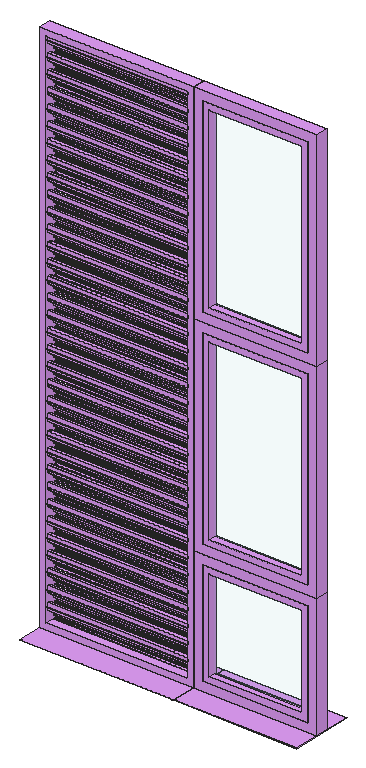
Revit family "WDW-AWN-HAA-Lvr_Sid", category Windows, host Wall, Revit 2016
Family settings
  Host = Wall
  OmniClass Number = 23.30.20.00
  OmniClass Title = Windows
  Always vertical = Yes
  Cut with Voids When Loaded = No
  Shared = No
  Room Calculation Point = No
Parameters (values of type "W900 x H1740")
  Width of louver frame [instance] = Width - Interior width  # 500 mm
  Remark [instance] = ""
  No.of row of windows [instance] = 2
  No. Of Louver Blade [instance] = (Height - 50 mm) / 50 mm  # 34
  Material [instance] = Metal - Aluminium
  Louver length [instance] = Width of louver frame - 40 mm  # 460 mm
  Louver [instance] = Metal - Aluminium
  Location [instance] = ""
  Interior width [instance] = 400 mm
  Interior high [instance] = (Height - Height of fixed window) / No.of row of windows  # 675 mm
  Height of fixed window [instance] = 400 mm
  Height = 1750 mm
  Glass Panel [instance] = Glass
  Frame [instance] = Metal - Aluminium
  Default sill height = 750 mm
  Wall Closure = By host
  Width = 900 mm
  Analytic Construction = "<None>"
Types (2, lengths in mm): name | Width of louver frame | No. Of Louver Blade | Louver length | Interior width | Interior high | Height | Width
  W800 x H1640 | 450 | 32 | 410 | 350 | 620 | 1640 | 800
  W900 x H1740 | 500 | 34 | 460 | 400 | 675 | 1750 | 900
Reference planes
  plane 1 "Center (Front/Back)": y = 0
  plane 2 "Center (Left/Right)": x = 0
  plane 3 "Left": x = -250
  plane 4 "Right": x = 250
  plane 5 "Sill": z = 750
  plane 6 "Head": z = 2500
  plane 7 "Exterior": y = 100
  plane 8 "Interior": y = -100
  plane 9 "Right 1": x = 650
  plane 10: z = 1150
  plane 11: z = 1825
Forms (mm)
  Extrusion 1, solid, material "Metal - Aluminium" <- "Frame"
    sketch origin (-5000, 0, 0) x (1, 0, 0) y (0, 0, 1)
      loop
        line (5250, 2500) -> (4750, 2500) -> (4750, 750) -> (5250, 750) -> (5250, 2500)
      loop
        line (5230, 2480) -> (4770, 2480) -> (4770, 770) -> (5230, 770) -> (5230, 2480)
    from -20 to 20
  Extrusion 2, solid, material "Metal - Aluminium" <- "Frame"
    sketch origin (-250, 100, 750) x (0, -1, 0) y (1, 0, 0)
      loop
        line (0, 500) -> (0, 0) -> (200, 0) -> (200, 500) -> (0, 500)
    from 0 to 1
  Extrusion 3, solid, material "Metal - Aluminium" <- "Material"
    sketch origin (55, 100, 750) x (0, -1, 0) y (1, 0, 0)
      loop
        line (0, 595) -> (0, 195) -> (200, 195) -> (200, 595) -> (0, 595)
    from 0 to 1
Lines and regions (mm)
  Opening 1
    outline origin (3500, -100, 0) x (1, 0, 0) y (0, 0, 1)
      loop
        line (-3250, 750) -> (-3250, 2500) -> (-3750, 2500) -> (-3750, 750) -> (-3250, 750)
  symbolic lines
    curve 1: line (-230, 5.515, 0) -> (230, 5.515, 0)
    curve 2: line (-230, -5.515, 0) -> (230, -5.515, 0)
    curve 3: line (270, 0, 0) -> (635, 0, 0)
    curve 4: line (635, 20, 0) -> (635, -20, 0)
    curve 5: line (270, -20, 0) -> (270, 20, 0)
    curve 6: line (650, 20, 0) -> (250, 20, 0)
    curve 7: line (250, -20, 0) -> (650, -20, 0)
    curve 8: line (250, -20, 0) -> (250, 20, 0)
    curve 9: line (250, 20, 0) -> (-250, 20, 0)
    curve 10: line (-250, -20, 0) -> (250, -20, 0)
    curve 11: line (-230, -20, 0) -> (-230, 20, 0)
    curve 12: line (230, 20, 0) -> (230, -20, 0)
Text (mm)
  text "EXTERIOR" at (-527.538, 282.927, 0), in view "Ref. Level"
  text "INTERIOR" at (-527.538, -187.005, 0), in view "Ref. Level"
  text "Exterior" at (0, 235.224, 2715.684), in view "Right"
  text "EXTERIOR" at (0, 646.513, 2657.963), in view "Left"
  text "INTERIOR" at (0, -194.853, 2657.963), in view "Left"
Dimensions and locks
  equal spacing: plane 3 "Left", plane 2 "Center (Left/Right)", plane 4 "Right"
  "Height": plane 5 "Sill" to plane 6 "Head"
  "Default sill height": plane 5 "Sill" to level
  locked: plane 7 "Exterior" to host wall at 0
  locked: plane 8 "Interior" to host wall
  locked: Extrusion 1 sketch curve to Extrusion 1 sketch curve at 20  (x4)
  equal spacing: Extrusion 1, host wall, Extrusion 1
  locked: Extrusion 1 to Extrusion 1 at 40
  "Width": plane 3 "Left" to plane 9 "Right 1"
  "Interior width": plane 4 "Right" to plane 9 "Right 1"
  plane 3 "Left" to plane 4 "Right" = 500 mm
  "Height of fixed window": plane 5 "Sill" to plane 10
  "Interior high": plane 10 to plane 11
  group 1 to group 2 = 0 mm  (x2)
  group 1 to group 2 = 675 mm
  equal spacing: group 3, group 5, group 6, group 7, group 8, group 9, group 10, group 11, group 12, group 13, group 14, group 15, group 16, group 17, group 18, group 19, group 20, group 21, group 22, group 23, group 24, group 25, group 26, group 27, group 28, group 29, group 30, group 31, group 32, group 33, group 34, group 35, group 36, group 4  (x2)
  equal spacing: group 4, group 36, group 35, group 34, group 33, group 32, group 31, group 30, group 29, group 28, group 27, group 26, group 25, group 24, group 23, group 22, group 21, group 20, group 19, group 18, group 17, group 16, group 15, group 14, group 13, group 12, group 11, group 10, group 9, group 8, group 7, group 6, group 5, group 3
  curve 2 to host wall to curve 1 = 5.515 mm locked, 5.515 mm locked
  aligned and locked: Extrusion 1 sketch curve to host wall
  aligned and locked: nested 3 to Extrusion 1  (x2)
  aligned and locked: Extrusion 1 to nested 3
  aligned and locked: plane 6 "Head" to nested 4
  aligned and locked: nested 4 to plane 9 "Right 1"
  aligned and locked: nested 5 to Extrusion 1
  aligned and locked: Extrusion 1 to nested 5
  aligned and locked: Extrusion 1 to curve 1
  aligned and locked: plane 1 "Center (Front/Back)" to curve 3
  aligned and locked: nested 1 to plane 9 "Right 1"
  aligned and locked: plane 10 to nested 1
  aligned and locked: nested 2 to plane 9 "Right 1"
  aligned and locked: host wall to Extrusion 2 sketch curve  (x2)
  aligned and locked: Extrusion 2 sketch curve to host wall
  aligned and locked: Extrusion 2 sketch curve to Extrusion 1
  aligned and locked: host wall to Extrusion 3 sketch curve  (x2)
  aligned and locked: Extrusion 3 sketch curve to host wall
  aligned and locked: Extrusion 3 sketch curve to Extrusion 2
  aligned and locked: curve 6 to nested 4
  aligned and locked: Extrusion 1 to curve 7
  aligned and locked: plane 9 "Right 1" to curve 7
  aligned and locked: nested 4 to curve 7
  aligned and locked: curve 9 to Extrusion 1
  aligned and locked: curve 10 to Extrusion 1
  aligned and locked: curve 12 to Extrusion 1
Automatic sketch dimensions
  plane 3 "Left" to Opening 1 sketch curve = 0 mm
  plane 4 "Right" to Opening 1 sketch curve = 0 mm
  Opening 1 sketch curve to plane 5 "Sill" = 0 mm
  Opening 1 sketch curve to plane 6 "Head" = 0 mm
  plane 3 "Left" to Extrusion 1 sketch curve = 0 mm
  plane 4 "Right" to Extrusion 1 sketch curve = 0 mm
  Extrusion 1 sketch curve to plane 6 "Head" = 0 mm
  host wall to curve 3 = 0 mm
  curve 6 to plane 9 "Right 1" = 0 mm
  curve 1 to plane 3 "Left" = 20 mm
  curve 5 to plane 4 "Right" = 20 mm
  plane 9 "Right 1" to curve 3 = 15 mm
  curve 9 to plane 3 "Left" = 0 mm
  curve 10 to plane 3 "Left" = 0 mm
Nested families
  nested 1: "WDW-SIN-HAA-Aluminum Frame_Fixel Window" at (450, 0, -50), Interior Width <- "Interior width", Heigh of Fixel Window <- "Height of fixed window", Frame <- "Frame", Glass Panel <- "Glass Panel", type "354 x 617.5"
    with Width Of Glass 300 mm, Thickness of Glass 5 mm, Interior Width 400 mm, Height Of Glass 300 mm, Heigh of Fixel Window 400 mm, Glass Panel Glass, Frame Metal - Aluminium
  nested 2: "WDW-SIN-HAA-Aluminum Frame" at (450, 0, 350) x (-1, 0, 0) z (0, 0, 1), Interior High <- "Interior high", Interior Width <- "Interior width", Frame <- "Frame", Glass Panel <- "Glass Panel", type "354 x 617.5"
    with Width Of Glass 300 mm, Thickness of Glass 5 mm, Interior Width 400 mm, Interior High 675 mm, Height Of Glass 575 mm, Glass Panel Glass, Frame Metal - Aluminium
  nested 3: "GEM-HAA-Louvre Blade_Aluminium" at (0, -18, 2419.828), Louver Length <- "Louver length", Louver <- "Louver", type "GEM-HAA-Louvre Blade_Aluminium"
    with Louver Length 460 mm, Louver Metal - Aluminium
  nested 4: "WDW-SIN-HAA-Aluminum Frame" at (450, 0, 1025) x (-1, 0, 0) z (0, 0, 1), Interior High <- "Interior high", Interior Width <- "Interior width", Frame <- "Frame", Glass Panel <- "Glass Panel", type "354 x 617.5"
    with Width Of Glass 300 mm, Thickness of Glass 5 mm, Interior Width 400 mm, Interior High 675 mm, Height Of Glass 575 mm, Glass Panel Glass, Frame Metal - Aluminium
  nested 5: "GEM-HAA-Louvre Blade_Aluminium" at (0, -18, 770), Louver Length <- "Louver length", Louver <- "Louver", type "GEM-HAA-Louvre Blade_Aluminium"
    with Louver Length 460 mm, Louver Metal - Aluminium
  nested 6: "GEM-HAA-Louvre Blade_Aluminium" at (0, -18, 2369.834), Louver Length <- "Louver length", Louver <- "Louver", type "GEM-HAA-Louvre Blade_Aluminium"
    with Louver Length 460 mm, Louver Metal - Aluminium
  nested 7: "GEM-HAA-Louvre Blade_Aluminium" at (0, -18, 2319.839), Louver Length <- "Louver length", Louver <- "Louver", type "GEM-HAA-Louvre Blade_Aluminium"
    with Louver Length 460 mm, Louver Metal - Aluminium
  nested 8: "GEM-HAA-Louvre Blade_Aluminium" at (0, -18, 2269.844), Louver Length <- "Louver length", Louver <- "Louver", type "GEM-HAA-Louvre Blade_Aluminium"
    with Louver Length 460 mm, Louver Metal - Aluminium
  nested 9: "GEM-HAA-Louvre Blade_Aluminium" at (0, -18, 2219.849), Louver Length <- "Louver length", Louver <- "Louver", type "GEM-HAA-Louvre Blade_Aluminium"
    with Louver Length 460 mm, Louver Metal - Aluminium
  nested 10: "GEM-HAA-Louvre Blade_Aluminium" at (0, -18, 2169.854), Louver Length <- "Louver length", Louver <- "Louver", type "GEM-HAA-Louvre Blade_Aluminium"
    with Louver Length 460 mm, Louver Metal - Aluminium
  nested 11: "GEM-HAA-Louvre Blade_Aluminium" at (0, -18, 2119.86), Louver Length <- "Louver length", Louver <- "Louver", type "GEM-HAA-Louvre Blade_Aluminium"
    with Louver Length 460 mm, Louver Metal - Aluminium
  nested 12: "GEM-HAA-Louvre Blade_Aluminium" at (0, -18, 2069.865), Louver Length <- "Louver length", Louver <- "Louver", type "GEM-HAA-Louvre Blade_Aluminium"
    with Louver Length 460 mm, Louver Metal - Aluminium
  nested 13: "GEM-HAA-Louvre Blade_Aluminium" at (0, -18, 2019.87), Louver Length <- "Louver length", Louver <- "Louver", type "GEM-HAA-Louvre Blade_Aluminium"
    with Louver Length 460 mm, Louver Metal - Aluminium
  nested 14: "GEM-HAA-Louvre Blade_Aluminium" at (0, -18, 1969.875), Louver Length <- "Louver length", Louver <- "Louver", type "GEM-HAA-Louvre Blade_Aluminium"
    with Louver Length 460 mm, Louver Metal - Aluminium
  nested 15: "GEM-HAA-Louvre Blade_Aluminium" at (0, -18, 1919.88), Louver Length <- "Louver length", Louver <- "Louver", type "GEM-HAA-Louvre Blade_Aluminium"
    with Louver Length 460 mm, Louver Metal - Aluminium
  nested 16: "GEM-HAA-Louvre Blade_Aluminium" at (0, -18, 1869.886), Louver Length <- "Louver length", Louver <- "Louver", type "GEM-HAA-Louvre Blade_Aluminium"
    with Louver Length 460 mm, Louver Metal - Aluminium
  nested 17: "GEM-HAA-Louvre Blade_Aluminium" at (0, -18, 1819.891), Louver Length <- "Louver length", Louver <- "Louver", type "GEM-HAA-Louvre Blade_Aluminium"
    with Louver Length 460 mm, Louver Metal - Aluminium
  nested 18: "GEM-HAA-Louvre Blade_Aluminium" at (0, -18, 1769.896), Louver Length <- "Louver length", Louver <- "Louver", type "GEM-HAA-Louvre Blade_Aluminium"
    with Louver Length 460 mm, Louver Metal - Aluminium
  nested 19: "GEM-HAA-Louvre Blade_Aluminium" at (0, -18, 1719.901), Louver Length <- "Louver length", Louver <- "Louver", type "GEM-HAA-Louvre Blade_Aluminium"
    with Louver Length 460 mm, Louver Metal - Aluminium
  nested 20: "GEM-HAA-Louvre Blade_Aluminium" at (0, -18, 1669.906), Louver Length <- "Louver length", Louver <- "Louver", type "GEM-HAA-Louvre Blade_Aluminium"
    with Louver Length 460 mm, Louver Metal - Aluminium
  nested 21: "GEM-HAA-Louvre Blade_Aluminium" at (0, -18, 1619.912), Louver Length <- "Louver length", Louver <- "Louver", type "GEM-HAA-Louvre Blade_Aluminium"
    with Louver Length 460 mm, Louver Metal - Aluminium
  nested 22: "GEM-HAA-Louvre Blade_Aluminium" at (0, -18, 1569.917), Louver Length <- "Louver length", Louver <- "Louver", type "GEM-HAA-Louvre Blade_Aluminium"
    with Louver Length 460 mm, Louver Metal - Aluminium
  nested 23: "GEM-HAA-Louvre Blade_Aluminium" at (0, -18, 1519.922), Louver Length <- "Louver length", Louver <- "Louver", type "GEM-HAA-Louvre Blade_Aluminium"
    with Louver Length 460 mm, Louver Metal - Aluminium
  nested 24: "GEM-HAA-Louvre Blade_Aluminium" at (0, -18, 1469.927), Louver Length <- "Louver length", Louver <- "Louver", type "GEM-HAA-Louvre Blade_Aluminium"
    with Louver Length 460 mm, Louver Metal - Aluminium
  nested 25: "GEM-HAA-Louvre Blade_Aluminium" at (0, -18, 1419.932), Louver Length <- "Louver length", Louver <- "Louver", type "GEM-HAA-Louvre Blade_Aluminium"
    with Louver Length 460 mm, Louver Metal - Aluminium
  nested 26: "GEM-HAA-Louvre Blade_Aluminium" at (0, -18, 1369.938), Louver Length <- "Louver length", Louver <- "Louver", type "GEM-HAA-Louvre Blade_Aluminium"
    with Louver Length 460 mm, Louver Metal - Aluminium
  nested 27: "GEM-HAA-Louvre Blade_Aluminium" at (0, -18, 1319.943), Louver Length <- "Louver length", Louver <- "Louver", type "GEM-HAA-Louvre Blade_Aluminium"
    with Louver Length 460 mm, Louver Metal - Aluminium
  nested 28: "GEM-HAA-Louvre Blade_Aluminium" at (0, -18, 1269.948), Louver Length <- "Louver length", Louver <- "Louver", type "GEM-HAA-Louvre Blade_Aluminium"
    with Louver Length 460 mm, Louver Metal - Aluminium
  nested 29: "GEM-HAA-Louvre Blade_Aluminium" at (0, -18, 1219.953), Louver Length <- "Louver length", Louver <- "Louver", type "GEM-HAA-Louvre Blade_Aluminium"
    with Louver Length 460 mm, Louver Metal - Aluminium
  nested 30: "GEM-HAA-Louvre Blade_Aluminium" at (0, -18, 1169.958), Louver Length <- "Louver length", Louver <- "Louver", type "GEM-HAA-Louvre Blade_Aluminium"
    with Louver Length 460 mm, Louver Metal - Aluminium
  nested 31: "GEM-HAA-Louvre Blade_Aluminium" at (0, -18, 1119.964), Louver Length <- "Louver length", Louver <- "Louver", type "GEM-HAA-Louvre Blade_Aluminium"
    with Louver Length 460 mm, Louver Metal - Aluminium
  nested 32: "GEM-HAA-Louvre Blade_Aluminium" at (0, -18, 1069.969), Louver Length <- "Louver length", Louver <- "Louver", type "GEM-HAA-Louvre Blade_Aluminium"
    with Louver Length 460 mm, Louver Metal - Aluminium
  nested 33: "GEM-HAA-Louvre Blade_Aluminium" at (0, -18, 1019.974), Louver Length <- "Louver length", Louver <- "Louver", type "GEM-HAA-Louvre Blade_Aluminium"
    with Louver Length 460 mm, Louver Metal - Aluminium
  nested 34: "GEM-HAA-Louvre Blade_Aluminium" at (0, -18, 969.979), Louver Length <- "Louver length", Louver <- "Louver", type "GEM-HAA-Louvre Blade_Aluminium"
    with Louver Length 460 mm, Louver Metal - Aluminium
  nested 35: "GEM-HAA-Louvre Blade_Aluminium" at (0, -18, 919.984), Louver Length <- "Louver length", Louver <- "Louver", type "GEM-HAA-Louvre Blade_Aluminium"
    with Louver Length 460 mm, Louver Metal - Aluminium
  nested 36: "GEM-HAA-Louvre Blade_Aluminium" at (0, -18, 869.99), Louver Length <- "Louver length", Louver <- "Louver", type "GEM-HAA-Louvre Blade_Aluminium"
    with Louver Length 460 mm, Louver Metal - Aluminium
  nested 37: "GEM-HAA-Louvre Blade_Aluminium" at (0, -18, 819.995), Louver Length <- "Louver length", Louver <- "Louver", type "GEM-HAA-Louvre Blade_Aluminium"
    with Louver Length 460 mm, Louver Metal - Aluminium
Definition of nested family "WDW-SIN-HAA-Aluminum Frame_Fixel Window"
  Parameters (values of type "354 x 617.5")
    Width Of Glass [instance] = Interior Width - 100 mm  # 500 mm
    Thickness of Glass [instance] = 5 mm
    Interior Width [instance] = 600 mm
    Height Of Glass [instance] = Heigh of Fixel Window - 100 mm  # 850 mm
    Height = 400 mm
    Heigh of Fixel Window [instance] = 950 mm
    Glass Panel [instance] = none
    Frame [instance] = none
    Default Sill Height = 800 mm
    Wall Closure = (empty or 0)
    Width = 350 mm
    Assembly Code = ""
    Analytic Construction = "<None>"
  Reference planes
    plane 1: y = 0
    plane 2 "Center (Left/Right)": x = 0
    plane 3 "Left": x = -300
    plane 4 "Right": x = 300
    plane 5 "Sill": z = 800
    plane 6 "Head": z = 1750
    plane 7 "Exterior": y = 75
    plane 8 "Interior": y = -75
    plane 9 "Window Start": y = 5
    plane 10 "Glass Start": y = 25
  Forms (mm)
    Extrusion 1, solid, material <- "Frame"
      sketch origin (-5000, 0, 0) x (1, 0, 0) y (0, 0, 1)
        loop
          line (4700, 1750) -> (4700, 800) -> (5300, 800) -> (5300, 1750) -> (4700, 1750)
        loop
          line (5270, 1720) -> (4730, 1720) -> (4730, 830) -> (5270, 830) -> (5270, 1720)
      from 20 to -20
    Sweep 2, solid, material <- "Frame"
      path in 3D
        loop
          line (270, 20, 830) -> (270, 20, 1720) -> (-270, 20, 1720) -> (-270, 20, 830) -> (270, 20, 830)
      profile origin (0, 20, 830) x (0, 1, 0) y (0, 0, 1)
        loop
          line (0, 0) -> (0, 20) -> (-25, 20) -> (-40, 5) -> (-40, 0) -> (0, 0)
    Extrusion 3, solid, material <- "Glass Panel"
      sketch origin (-5000, 0, 0) x (1, 0, 0) y (0, 0, 1)
        loop
          line (5250, 850) -> (5250, 1700) -> (4750, 1700) -> (4750, 850) -> (5250, 850)
      from 2.5 to -2.5
  Lines and regions (mm)
    Opening 1
      outline origin (3500, -75, 0) x (1, 0, 0) y (0, 0, 1)
        loop
          line (-3200, 1750) -> (-3800, 1750) -> (-3800, 800) -> (-3200, 800) -> (-3200, 1750)
    sketch lines
      curve 1: line (-270, 20, 830) -> (270, 20, 830)
      curve 2: line (270, 20, 830) -> (270, 20, 1720)
      curve 3: line (270, 20, 1720) -> (-270, 20, 1720)
      curve 4: line (-270, 20, 1720) -> (-270, 20, 830)
    symbolic lines
      curve 5: line (-270, 25, 1720) -> (265, 25, 835)
      curve 6: line (270, 25, 1720) -> (-270, 25, 830)
  Text (mm)
    text "EXTERIOR" at (-1963.203, 1332.353, 0), in view "Ref. Level"
    text "INTERIOR" at (-1981.466, -818.386, 0), in view "Ref. Level"
    text "Exterior" at (0, 923.751, 2943.296), in view "Right"
    text "Exterior" at (0, 1040.484, 2685.409), in view "Left"
  Dimensions and locks
    equal spacing: plane 3 "Left", plane 2 "Center (Left/Right)", plane 4 "Right"
    "Interior Width": plane 3 "Left" to plane 4 "Right"
    "Heigh of Fixel Window": plane 5 "Sill" to plane 6 "Head"
    "Default Sill Height": plane 5 "Sill" to level
    locked: plane 7 "Exterior" to host wall at 0
    locked: plane 8 "Interior" to host wall
    locked: plane 8 "Interior" to plane 9 "Window Start" at 80
    locked: plane 9 "Window Start" to plane 10 "Glass Start" at 20
    "Width Of Glass": Extrusion 3 sketch curve to Extrusion 3 sketch curve
    "Height Of Glass": Extrusion 3 sketch curve to Extrusion 3 sketch curve
    "Thickness of Glass": Extrusion 3 to Extrusion 3
    aligned and locked: Sweep 2 sketch curve to Extrusion 1
    aligned and locked: Extrusion 3 sketch curve to Sweep 2  (x2)
    aligned and locked: Opening 1 sketch curve to plane 6 "Head"
    aligned and locked: Opening 1 sketch curve to plane 4 "Right"
    aligned and locked: Opening 1 sketch curve to plane 3 "Left"
    aligned and locked: Opening 1 sketch curve to plane 5 "Sill"
    aligned and locked: curve 5 to Sweep 2
    aligned and locked: curve 5 to Extrusion 1
    aligned and locked: Extrusion 1 to curve 6  (x2)
  Automatic sketch dimensions
    Sweep 2 sketch curve to profile plane = 0 mm
    profile plane to Sweep 2 sketch curve = 25 mm
    profile plane to Sweep 2 sketch curve = 5 mm
    Sweep 2 sketch curve to Sweep 2 sketch curve = 15 mm
    profile plane to Sweep 2 sketch curve = 20 mm
    plane 6 "Head" to curve 6 = 30 mm
    plane 6 "Head" to curve 5 = 30 mm
    curve 6 to plane 5 "Sill" = 30 mm
    curve 5 to plane 5 "Sill" = 35 mm
    plane 4 "Right" to Extrusion 1 sketch curve = 0 mm
    plane 3 "Left" to Extrusion 1 sketch curve = 0 mm
    Extrusion 1 sketch curve to plane 5 "Sill" = 0 mm
    Extrusion 1 sketch curve to plane 6 "Head" = 0 mm
    plane 4 "Right" to Extrusion 1 sketch curve = 30 mm
    Extrusion 1 sketch curve to plane 3 "Left" = 30 mm
    Extrusion 1 sketch curve to plane 5 "Sill" = 30 mm
    plane 6 "Head" to Extrusion 1 sketch curve = 30 mm
Definition of nested family "WDW-SIN-HAA-Aluminum Frame"
  Parameters (values of type "354 x 617.5")
    Width Of Glass [instance] = Interior Width - 100 mm  # 500 mm
    Thickness of Glass [instance] = 5 mm
    Interior Width [instance] = 600 mm
    Interior High [instance] = 950 mm
    Height Of Glass [instance] = Interior High - 100 mm  # 850 mm
    Height = 400 mm
    Glass Panel [instance] = none
    Frame [instance] = none
    Default Sill Height = 800 mm
    Wall Closure = (empty or 0)
    Width = 350 mm
    Assembly Code = ""
    Analytic Construction = "<None>"
  Reference planes
    plane 1: y = 0
    plane 2 "Center (Left/Right)": x = 0
    plane 3 "Left": x = -300
    plane 4 "Right": x = 300
    plane 5 "Sill": z = 800
    plane 6 "Head": z = 1750
    plane 7 "Exterior": y = 175
    plane 8 "Interior": y = -175
    plane 9 "Window Start": y = -95
    plane 10 "Glass Start": y = -75
  Forms (mm)
    Extrusion 1, solid, material <- "Frame"
      sketch origin (-5000, 0, 0) x (1, 0, 0) y (0, 0, 1)
        loop
          line (4700, 1750) -> (4700, 800) -> (5300, 800) -> (5300, 1750) -> (4700, 1750)
        loop
          line (5270, 1720) -> (4730, 1720) -> (4730, 830) -> (5270, 830) -> (5270, 1720)
      from 20 to -20
    Sweep 2, solid, material <- "Frame"
      path in 3D
        loop
          line (270, 20, 830) -> (270, 20, 1720) -> (-270, 20, 1720) -> (-270, 20, 830) -> (270, 20, 830)
      profile origin (0, 20, 830) x (0, 1, 0) y (0, 0, 1)
        loop
          line (0, 0) -> (0, 20) -> (-25, 20) -> (-40, 5) -> (-40, 0) -> (0, 0)
    Extrusion 3, solid, material <- "Glass Panel"
      sketch origin (-5000, 0, 0) x (1, 0, 0) y (0, 0, 1)
        loop
          line (5250, 850) -> (5250, 1700) -> (4750, 1700) -> (4750, 850) -> (5250, 850)
      from 5 to 0
  Lines and regions (mm)
    Opening 1
      outline origin (3500, -175, 0) x (1, 0, 0) y (0, 0, 1)
        loop
          line (-3200, 1750) -> (-3800, 1750) -> (-3800, 800) -> (-3200, 800) -> (-3200, 1750)
    sketch lines
      curve 1: line (-270, 20, 830) -> (270, 20, 830)
      curve 2: line (270, 20, 830) -> (270, 20, 1720)
      curve 3: line (270, 20, 1720) -> (-270, 20, 1720)
      curve 4: line (-270, 20, 1720) -> (-270, 20, 830)
    symbolic lines
      curve 5: line (0, -75, 1700) -> (250, -75, 850)
      curve 6: line (0, -75, 1700) -> (-250, -75, 850)
  Text (mm)
    text "EXTERIOR" at (-1963.203, 1332.353, 0), in view "Ref. Level"
    text "INTERIOR" at (-1981.466, -818.386, 0), in view "Ref. Level"
    text "Exterior" at (0, 923.751, 2943.296), in view "Right"
    text "Exterior" at (0, 1040.484, 2685.409), in view "Left"
  Dimensions and locks
    equal spacing: plane 3 "Left", plane 2 "Center (Left/Right)", plane 4 "Right"
    "Interior Width": plane 3 "Left" to plane 4 "Right"
    "Interior High": plane 5 "Sill" to plane 6 "Head"
    "Default Sill Height": plane 5 "Sill" to level
    locked: plane 7 "Exterior" to host wall at 0
    locked: plane 8 "Interior" to host wall
    locked: plane 8 "Interior" to plane 9 "Window Start" at 80
    locked: plane 9 "Window Start" to plane 10 "Glass Start" at 20
    "Width Of Glass": Extrusion 3 sketch curve to Extrusion 3 sketch curve
    "Height Of Glass": Extrusion 3 sketch curve to Extrusion 3 sketch curve
    "Thickness of Glass": Extrusion 3 to Extrusion 3
    aligned and locked: Sweep 2 sketch curve to Extrusion 1
    aligned and locked: Extrusion 3 sketch curve to Sweep 2  (x2)
    aligned and locked: Sweep 2 to curve 5
    aligned and locked: Opening 1 sketch curve to plane 6 "Head"
    aligned and locked: Opening 1 sketch curve to plane 4 "Right"
    aligned and locked: Opening 1 sketch curve to plane 3 "Left"
    aligned and locked: Opening 1 sketch curve to plane 5 "Sill"
  Automatic sketch dimensions
    Sweep 2 sketch curve to profile plane = 0 mm
    profile plane to Sweep 2 sketch curve = 25 mm
    profile plane to Sweep 2 sketch curve = 5 mm
    Sweep 2 sketch curve to Sweep 2 sketch curve = 15 mm
    profile plane to Sweep 2 sketch curve = 20 mm
    curve 6 to plane 2 "Center (Left/Right)" = 0 mm
    curve 5 to plane 5 "Sill" = 50 mm
    curve 6 to plane 5 "Sill" = 50 mm
    curve 6 to plane 3 "Left" = 50 mm
    plane 4 "Right" to curve 5 = 50 mm
    plane 4 "Right" to Extrusion 1 sketch curve = 0 mm
    plane 3 "Left" to Extrusion 1 sketch curve = 0 mm
    Extrusion 1 sketch curve to plane 5 "Sill" = 0 mm
    Extrusion 1 sketch curve to plane 6 "Head" = 0 mm
    plane 4 "Right" to Extrusion 1 sketch curve = 30 mm
    Extrusion 1 sketch curve to plane 3 "Left" = 30 mm
    Extrusion 1 sketch curve to plane 5 "Sill" = 30 mm
    plane 6 "Head" to Extrusion 1 sketch curve = 30 mm
Definition of nested family "GEM-HAA-Louvre Blade_Aluminium"
  Parameters (values of type "GEM-HAA-Louvre Blade_Aluminium")
    Louver Length [instance] = 500 mm
    Louver [instance] = none
  Reference planes
    plane 1 "Center (Front/Back)": y = 0
    plane 2: z = 0
    plane 3 "Center (Left/Right)": x = 0
  Forms (mm)
    Extrusion 1, solid, material <- "Louver"
      sketch origin (0, 0, 0) x (0, 1, 0) y (0, 0, 1)
        loop
          line (8, 58.172) -> (8, 57.146) -> (10, 57.146) -> (10, 60.172) -> (0, 60.172) -> (0, 47.172) -> (4.622, 42.55)
          arc (4.622, 42.55) -> (2.483, 41.121) -> (1.657, 38.686) r 4
          line (1.657, 38.686) -> (3.657, 38.686)
          arc (3.657, 38.686) -> (7.071, 40.101) -> (5.657, 36.686) r 2
          line (5.657, 36.686) -> (5.657, 34.686)
          arc (5.657, 34.686) -> (8.092, 35.513) -> (9.521, 37.651) r 4
          line (9.521, 37.651) -> (26.479, 20.692)
          arc (26.479, 20.692) -> (24.341, 19.263) -> (23.515, 16.828) r 4
          line (23.515, 16.828) -> (25.515, 16.828)
          arc (25.515, 16.828) -> (28.929, 18.243) -> (27.515, 14.828) r 2
          line (27.515, 14.828) -> (27.515, 12.828)
          arc (27.515, 12.828) -> (29.95, 13.655) -> (31.378, 15.793) r 4
          line (31.378, 15.793) -> (36, 11.172) -> (36, 2) -> (28, 2) -> (28, 0) -> (38, 0) -> (38, 12) -> (2, 48) -> (2, 58.172) -> (8, 58.172)
      from -250 to 250
  Dimensions and locks
    equal spacing: Extrusion 1, plane 3 "Center (Left/Right)", Extrusion 1
    "Louver Length": Extrusion 1 to Extrusion 1
    aligned and locked: level to plane 2
  Automatic sketch dimensions
    Extrusion 1 sketch curve to Extrusion 1 sketch curve = 0 mm  (x12)
    Extrusion 1 sketch curve to plane 1 "Center (Front/Back)" = 0 mm
    Extrusion 1 sketch curve to level = 0 mm
    Extrusion 1 sketch curve to plane 1 "Center (Front/Back)" = 1.657 mm
    Extrusion 1 sketch curve to plane 1 "Center (Front/Back)" = 2 mm
    Extrusion 1 sketch curve to Extrusion 1 sketch curve = 2 mm  (x8)
    Extrusion 1 sketch curve to Extrusion 1 sketch curve = 0.965 mm  (x2)
    Extrusion 1 sketch curve to Extrusion 1 sketch curve = 6 mm
    Extrusion 1 sketch curve to Extrusion 1 sketch curve = 3.864 mm  (x2)
    Extrusion 1 sketch curve to plane 1 "Center (Front/Back)" = 23.515 mm
    Extrusion 1 sketch curve to Extrusion 1 sketch curve = 0.485 mm
    level to Extrusion 1 sketch curve = 15.793 mm
    level to Extrusion 1 sketch curve = 2 mm
    Extrusion 1 sketch curve to Extrusion 1 sketch curve = 8 mm
    Extrusion 1 sketch curve to Extrusion 1 sketch curve = 4.622 mm  (x2)
    Extrusion 1 sketch curve to Extrusion 1 sketch curve = 0.828 mm  (x2)
    Extrusion 1 sketch curve to Extrusion 1 sketch curve = 2.965 mm
    Extrusion 1 sketch curve to Extrusion 1 sketch curve = 13.994 mm
    Extrusion 1 sketch curve to Extrusion 1 sketch curve = 9.146 mm
    Extrusion 1 sketch curve to Extrusion 1 sketch curve = 1.025 mm
